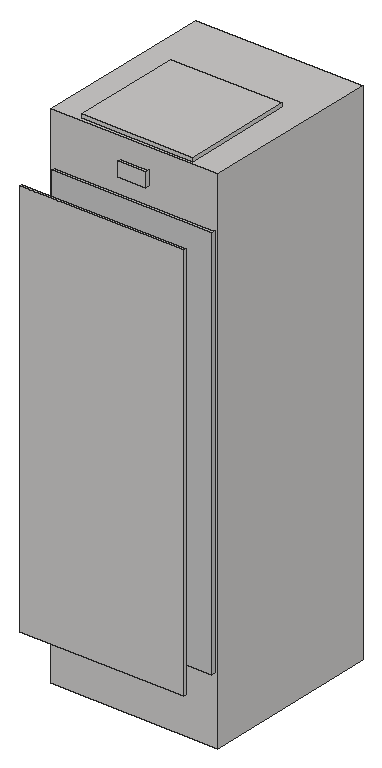
Revit family "Fan_Coil-With_Valve-Whalen-Vertical_Stacked-Classic-2P-No_Risers2", category Mechanical Equipment, Revit 2012 (continued)
Definition of nested family "Air Supply"
  Forms (in)
    Extrusion 4, solid, material "Anodized Aluminum - Whalen - Clear" <- "Product Material", visible <- "z Right", detail levels medium+fine
      sketch origin (0, 0, 0) x (0, 1, 0) y (0, 0, 1)
        loop
          line (-7, 47) -> (-7, 39) -> (7, 39) -> (7, 47) -> (-7, 47)
      from 24 to 24.5
    Extrusion 5, solid, material "Anodized Aluminum - Whalen - Clear" <- "Product Material", visible <- "z Back", detail levels medium+fine
      sketch origin (0, 0, 0) x (1, 0, 0) y (0, 0, 1)
        loop
          line (-7, 47) -> (-7, 39) -> (7, 39) -> (7, 47) -> (-7, 47)
      from -24.5 to -24
    Extrusion 6, solid, material "Error Box", visible <- "z Error Box is Visible"
      sketch origin (0, 0, 0) x (1, 0, 0) y (0, 1, 0)
        loop
          line (-30.5, 30.5) -> (-30.5, -30.5) -> (30.5, -30.5) -> (30.5, 30.5) -> (-30.5, 30.5)
      from -6 to 54.5
  Lines and regions (in)
    Masking region 1, visible <- "z Front", detail levels medium+fine
      outline origin (0, 0, 0) x (1, 0, 0) y (0, 1, 0)
        loop
          line (-7, -24) -> (-7, -24.5) -> (7, -24.5) -> (7, -24) -> (-7, -24)
    Masking region 2, visible <- "z Left", detail levels medium+fine
      outline origin (0, 0, 0) x (1, 0, 0) y (0, 1, 0)
        loop
          line (-24.5, 7) -> (-24.5, -7) -> (-24, -7) -> (-24, 7) -> (-24.5, 7)
    Masking region 3, visible <- "z Right", detail levels medium+fine
      outline origin (0, 0, 0) x (1, 0, 0) y (0, 1, 0)
        loop
          line (24, 7) -> (24, -7) -> (24.5, -7) -> (24.5, 7) -> (24, 7)
    Masking region 4, visible <- "z Back", detail levels medium+fine
      outline origin (0, 0, 0) x (1, 0, 0) y (0, 1, 0)
        loop
          line (-7, 24.5) -> (-7, 24) -> (7, 24) -> (7, 24.5) -> (-7, 24.5)
    Masking region 5, visible <- "z Top", detail levels medium+fine
      outline origin (0, 0, 0) x (1, 0, 0) y (0, 1, 0)
        loop
          line (11.375, 5) -> (11.375, -5) -> (23.375, -5) -> (23.375, 5) -> (11.375, 5)
    symbolic lines, style "Error Box", visible <- "z Error Box is Visible"
      curve 1: line (-30.5, 30.5, 0) -> (30.5, 30.5, 0)
      curve 2: line (-30.5, -30.5, 0) -> (-30.5, 30.5, 0)
      curve 3: line (30.5, -30.5, 0) -> (-30.5, -30.5, 0)
      curve 4: line (30.5, 30.5, 0) -> (30.5, -30.5, 0)
      curve 5: line (0, -30.5, 54.5) -> (0, 30.5, 54.5)
      curve 6: line (0, -30.5, -6) -> (0, -30.5, 54.5)
      curve 7: line (0, 30.5, -6) -> (0, -30.5, -6)
      curve 8: line (0, 30.5, 54.5) -> (0, 30.5, -6)
      curve 9: line (-30.5, 0, 54.5) -> (30.5, 0, 54.5)
      curve 10: line (-30.5, 0, -6) -> (-30.5, 0, 54.5)
      curve 11: line (30.5, 0, -6) -> (-30.5, 0, -6)
      curve 12: line (30.5, 0, 54.5) -> (30.5, 0, -6)
    symbolic lines, visible <- "z Top", detail levels medium+fine
      curve 13: line (11.375, 5, 0) -> (23.375, 5, 0)
      curve 14: line (11.375, -5, 0) -> (11.375, 5, 0)
      curve 15: line (23.375, -5, 0) -> (11.375, -5, 0)
      curve 16: line (23.375, 5, 0) -> (23.375, -5, 0)
  Dimensions and locks (in)
    equal spacing: plane 6, plane 3 "Center (Left/Right)", plane 7
    equal spacing: plane 4, plane 1 "Center (Front/Back)", plane 5
    "z Cabinet Depth": plane 5 to plane 4
    "z Cabinet Width": plane 6 to plane 7
    "z Top Depth": plane 11 to plane 10
    "z Top Width": plane 8 to plane 9
    "z Top Width Offset From Left": plane 6 to plane 8
    "z Top Depth Offset From Back": plane 5 to plane 11
    plane 34 to plane 13 to plane 28 to plane 12 to plane 18 = 6.000" locked, 0.000" locked, 0.500" locked, 1.000" locked
    "z Cabinet Height": plane 12 to plane 2
    "z Standard Width": plane 14 to plane 15
    "z Cornerstone Offset From Left": plane 6 to plane 14
    "z Standard Width": plane 17 to plane 16
    "z Cornerstone Offset From Back": plane 5 to plane 17
    plane 4 to plane 26 to plane 20 to plane 30 = 0.500" locked, 0.000" locked, 6.000" locked
    plane 31 to plane 21 to plane 27 to plane 5 = 6.000" locked, 0.000" locked, 0.500" locked
    plane 29 to plane 22 to plane 24 to plane 6 = 6.000" locked, 0.000" locked, 0.500" locked
    plane 7 to plane 25 to plane 23 to plane 32 = 0.500" locked, 0.000" locked, 6.000" locked
    "z Standard Height": plane 18 to plane 19
    locked: plane 2 to plane 33 at 6
    aligned and locked: plane 2 to level
    aligned and locked: Extrusion 1 sketch curve to plane 11
    aligned and locked: Extrusion 1 sketch curve to plane 8
    aligned and locked: plane 10 to Extrusion 1 sketch curve
    aligned and locked: plane 9 to Extrusion 1 sketch curve
    aligned and locked: Extrusion 1 to plane 12
    aligned and locked: plane 13 to Extrusion 1
    aligned and locked: Extrusion 2 sketch curve to plane 18
    aligned and locked: Extrusion 2 sketch curve to plane 14
    aligned and locked: plane 19 to Extrusion 2 sketch curve
    aligned and locked: plane 15 to Extrusion 2 sketch curve
    aligned and locked: Extrusion 2 to plane 20
    aligned and locked: plane 4 to Extrusion 2
    aligned and locked: Extrusion 3 sketch curve to plane 18
    aligned and locked: plane 16 to Extrusion 3 sketch curve
    aligned and locked: plane 19 to Extrusion 3 sketch curve
    aligned and locked: Extrusion 3 sketch curve to plane 17
    aligned and locked: Extrusion 4 sketch curve to plane 18
    aligned and locked: plane 16 to Extrusion 4 sketch curve
    aligned and locked: plane 19 to Extrusion 4 sketch curve
    aligned and locked: Extrusion 4 sketch curve to plane 17
    aligned and locked: Extrusion 5 sketch curve to plane 18
    aligned and locked: Extrusion 5 sketch curve to plane 14
    aligned and locked: plane 19 to Extrusion 5 sketch curve
    aligned and locked: plane 15 to Extrusion 5 sketch curve
    aligned and locked: plane 21 to Extrusion 5
    aligned and locked: Extrusion 5 to plane 5
    aligned and locked: plane 22 to Extrusion 3
    aligned and locked: Extrusion 3 to plane 6
    aligned and locked: Extrusion 4 to plane 23
    aligned and locked: plane 7 to Extrusion 4
    aligned and locked: Extrusion 6 sketch curve to plane 31
    aligned and locked: Extrusion 6 sketch curve to plane 29
    aligned and locked: plane 30 to Extrusion 6 sketch curve
    aligned and locked: plane 32 to Extrusion 6 sketch curve
    aligned and locked: Extrusion 6 to plane 33
    aligned and locked: plane 34 to Extrusion 6
    aligned and locked: Masking region 1 sketch curve to plane 14
    aligned and locked: plane 20 to Masking region 1 sketch curve
    aligned and locked: Masking region 1 sketch curve to plane 4
    aligned and locked: plane 15 to Masking region 1 sketch curve
    aligned and locked: plane 6 to Masking region 2 sketch curve
    aligned and locked: Masking region 2 sketch curve to plane 22
    aligned and locked: plane 16 to Masking region 2 sketch curve
    aligned and locked: Masking region 2 sketch curve to plane 17
    aligned and locked: Masking region 3 sketch curve to plane 7
    aligned and locked: plane 16 to Masking region 3 sketch curve
    aligned and locked: Masking region 3 sketch curve to plane 17
    aligned and locked: plane 23 to Masking region 3 sketch curve
    aligned and locked: Masking region 4 sketch curve to plane 14
    aligned and locked: plane 5 to Masking region 4 sketch curve
    aligned and locked: Masking region 4 sketch curve to plane 21
    aligned and locked: plane 15 to Masking region 4 sketch curve
    aligned and locked: plane 10 to Masking region 5 sketch curve
    aligned and locked: Masking region 5 sketch curve to plane 11
    aligned and locked: plane 9 to Masking region 5 sketch curve
    aligned and locked: Masking region 5 sketch curve to plane 8
    aligned and locked: plane 32 to curve 4
    aligned and locked: plane 30 to curve 3
    aligned and locked: curve 2 to plane 29
    aligned and locked: curve 1 to plane 31
    aligned and locked: curve 13 to plane 11
    aligned and locked: curve 14 to plane 8
    aligned and locked: plane 9 to curve 16
    aligned and locked: plane 10 to curve 15
  Automatic sketch dimensions
    curve 7 to plane 30 = 0.000"
    curve 7 to plane 31 = 0.000"
    curve 7 to plane 33 = 0.000"
    curve 6 to plane 34 = 0.000"
    plane 29 to curve 11 = 0.000"
    plane 32 to curve 11 = 0.000"
    curve 11 to plane 33 = 0.000"
    curve 10 to plane 34 = 0.000"
Definition of nested family "2P No Risers"
  Parameters (values of type "Standard")
    z Type [instance] = 1200
    Unit is Master [instance] = no
    Top Riser Offset [instance] = 16.000"
    Supply Riser Y if Rear [instance] = Origin to Top  # 57.000"
    Supply Riser Y if Left [instance] = Origin to Top - Constant Riser Offset Side - Distance Between Supply and Return  # 48.000"
    Supply Riser Y if Right [instance] = Origin to Top - Constant Riser Offset Side  # 54.500"
    Supply Riser X if Left [instance] = Origin to Left Side  # 40.000"
    Supply Riser Y [instance] = if(Riser Configuration = 1, Supply Riser Y if Left, if(Riser Configuration = 2, Supply Riser Y if Rear, if(Riser Configuration = 3, Supply Riser Y if Right, 0.000")))  # 54.500"
    Supply Riser X if Right [instance] = Origin to Right Side  # 56.000"
    Supply Riser X if Rear [instance] = Constant Origin - Distance Between Supply and Drain  # 44.750"
    Supply Riser X [instance] = if(Riser Configuration = 1, Supply Riser X if Left, if(Riser Configuration = 2, Supply Riser X if Rear, if(Riser Configuration = 3, Supply Riser X if Right, 0.000")))  # 56.000"
    Supply Riser Top is Visible [instance] = yes
    Supply Riser Bottom is Visible [instance] = yes
    Riser Size Supply Radius Outside [instance] = Riser Size Supply Radius Nominal + (Convert Nominal to OD / 2) + Insulation Factor  # 1.5625"
    Riser Size Return Radius Outside [instance] = Riser Size Return Radius Nominal + (Convert Nominal to OD / 2) + Insulation Factor  # 0.5625"
    Return Riser Y if Right [instance] = Origin to Top - Constant Riser Offset Side - Distance Between Supply and Return  # 48.000"
    Return Riser Y if Rear [instance] = Origin to Top  # 57.000"
    Return Riser Y if Left [instance] = Origin to Top - Constant Riser Offset Side  # 54.500"
    Return Riser Y [instance] = if(Riser Configuration = 1, Return Riser Y if Left, if(Riser Configuration = 2, Return Riser Y if Rear, if(Riser Configuration = 3, Return Riser Y if Right, 0.000")))  # 48.000"
    Return Riser X if Right [instance] = Origin to Right Side  # 56.000"
    Return Riser X if Rear [instance] = Constant Origin + Distance Between Supply and Drain  # 51.250"
    Return Riser X if Left [instance] = Origin to Left Side  # 40.000"
    Return Riser X [instance] = if(Riser Configuration = 1, Return Riser X if Left, if(Riser Configuration = 2, Return Riser X if Rear, if(Riser Configuration = 3, Return Riser X if Right, 0.000")))  # 56.000"
    Return Riser Top is Visible [instance] = yes
    Return Riser Bottom is Visible [instance] = yes
    Material [instance] = none
    Master Stub Length Drain [instance] = Drain Connection Actual Outside + 1.000"  # 1.9375"
    Master Stub Length Supply [instance] = Riser Size Supply Radius Outside + 1.000"  # 2.5625"
    Master Stub Length Return [instance] = Riser Size Return Radius Outside + 1.000"  # 1.5625"
    Master Drain Stub is Visible [instance] = and(Unit is Master, not(Has Condensate Pump))  # no
    Housing Top Edge if Right [instance] = Origin to Top - Constant Riser Offset Side + Riser Size Supply Radius Outside + (Constant Chase Body Thickness / 2)  # 56.0625"
    Housing Top Edge if Left [instance] = Origin to Top - Constant Riser Offset Side + Riser Size Return Radius Outside + (Constant Chase Body Thickness / 2)  # 55.0625"
    Housing Right Edge if Rear [instance] = Origin to Left Side + (Width / 2) - Distance Between Supply and Drain - Riser Size Supply Radius Outside  # 43.1875"
    Housing Left Edge if Rear [instance] = Origin to Left Side + (Width / 2) + Distance Between Supply and Drain + Riser Size Return Radius Outside  # 51.8125"
    Housing Bottom Edge if Right [instance] = Origin to Top - Constant Riser Offset Side + Riser Size Supply Radius Outside + (Constant Chase Body Thickness / 2) - Chase Width  # 47.4375"
    Housing Bottom Edge if Left [instance] = Origin to Top - Constant Riser Offset Side + Riser Size Return Radius Outside + (Constant Chase Body Thickness / 2) - Chase Width  # 46.4375"
    Height [instance] = 88.000"
    Has Insulation [instance] = no
    z Riser Size Largest Diameter Supply or Return Nominal [instance] = if(Riser Size Supply Radius Nominal > Riser Size Return Radius Nominal, Riser Size Supply Radius Nominal, Riser Size Return Radius Nominal) * 2  # 3.000"
    z Riser Size Largest Radius Supply or Return [instance] = if(Riser Size Supply Radius Outside > Riser Size Return Radius Outside, Riser Size Supply Radius Outside, Riser Size Return Radius Outside)  # 1.5625"
    Housing Top Edge [instance] = if(Riser Configuration = 1, Housing Top Edge if Left, if(Riser Configuration = 2, Housing Top Edge if Rear, if(Riser Configuration = 3, Housing Top Edge if Right, 0.000")))  # 56.0625"
    Housing Right Edge [instance] = if(Riser Configuration = 1, Housing Right Edge if Left, if(Riser Configuration = 2, Housing Right Edge if Rear, if(Riser Configuration = 3, Housing Right Edge if Right, 0.000")))  # 59.125"
    Housing Left Edge [instance] = if(Riser Configuration = 1, Housing Left Edge if Left, if(Riser Configuration = 2, Housing Left Edge if Rear, if(Riser Configuration = 3, Housing Left Edge if Right, 0.000")))  # 56.000"
    Housing Bottom Edge [instance] = if(Riser Configuration = 1, Housing Bottom Edge if Left, if(Riser Configuration = 2, Housing Bottom Edge if Rear, if(Riser Configuration = 3, Housing Bottom Edge if Right, 0.000")))  # 47.4375"
    Riser Size Supply Radius Nominal [instance] = 1.500"
    Riser Size Return Radius Nominal [instance] = 0.500"
    Riser Size Drain Radius Nominal [instance] = 0.500"
    Riser Configuration [instance] = 3
    Has Condensate Pump [instance] = no
    Drain Riser Y if Rear [instance] = Origin to Top  # 57.000"
    Drain Riser Y if Side [instance] = Origin to Top - Constant Riser Offset Side - Distance Between Supply and Drain  # 51.250"
    Drain Riser Y [instance] = if(or(Riser Configuration = 1, Riser Configuration = 3), Drain Riser Y if Side, if(Riser Configuration = 2, Drain Riser Y if Rear, 0.000"))  # 51.250"
    Drain Riser X if Right [instance] = Origin to Right Side  # 56.000"
    Drain Riser X if Rear [instance] = Constant Origin  # 48.000"
    Drain Riser X if Left [instance] = Origin to Left Side  # 40.000"
    Drain Riser X [instance] = if(Riser Configuration = 1, Drain Riser X if Left, if(Riser Configuration = 2, Drain Riser X if Rear, if(Riser Configuration = 3, Drain Riser X if Right, 0.000")))  # 56.000"
    Drain Riser Top is Visible Actual [instance] = and(Drain Riser Top is Visible, not(Has Condensate Pump))  # yes
    Drain Riser Top is Visible [instance] = yes
    Drain Riser Bottom is Visible Actual [instance] = and(Drain Riser Bottom is Visible, not(Has Condensate Pump))  # yes
    Drain Riser Bottom is Visible [instance] = yes
    Drain Connection Y [instance] = if(not(Has Condensate Pump), Drain Riser Y, Origin to Top - Condensate Discharge Offset)  # 51.250"
    Drain Connection X [instance] = if(not(Has Condensate Pump), Drain Riser X, if(Riser Configuration = 1, Origin to Left Side + Condensate Discharge Offset, if(Riser Configuration = 2, Origin to Left Side + Width / 2, Origin to Right Side - Condensate Discharge Offset)))  # 56.000"
    Drain Connection Size = 0.375"  # constant formula
    Drain Connection Angle [instance] = if(Has Condensate Pump, 270.00°, 0.00°)  # 0.00°
    Drain Connection Actual Outside [instance] = if(Has Condensate Pump, Drain Connection Size, Riser Size Drain Radius Outside)  # 0.9375"
    Convert Nominal to OD = 0.125"  # constant formula
    Constant Riser Offset Side = 2.500"  # constant formula
    Constant Riser Offset Rear = 2.250"  # constant formula
    Constant Origin = 48.000"  # constant formula
    Constant Insulation Thickness Drain = 0.375"  # constant formula
    Constant Insulation Thickness = 0.500"  # constant formula
    Constant Chase Body Thickness = 0.000"  # constant formula
    Width [instance] = 16.000"
    Riser Size Drain Radius Outside [instance] = Riser Size Drain Radius Nominal + (Convert Nominal to OD / 2) + Constant Insulation Thickness Drain  # 0.9375"
    Origin to Top [instance] = Constant Origin + (Depth / 2)  # 57.000"
    Origin to Right Side [instance] = Constant Origin + (Width / 2)  # 56.000"
    Origin to Left Side [instance] = Constant Origin - (Width / 2)  # 40.000"
    Insulation Factor [instance] = if(Has Insulation, Constant Insulation Thickness, 0.000")  # 0.000"
    Housing Top Edge if Rear [instance] = Origin to Top + Chase Depth  # 60.125"
    Housing Right Edge if Right [instance] = Origin to Right Side + Chase Depth  # 59.125"
    Housing Right Edge if Left [instance] = Origin to Left Side  # 40.000"
    Housing Left Edge if Right [instance] = Origin to Right Side  # 56.000"
    Housing Left Edge if Left [instance] = Origin to Left Side - Chase Depth  # 36.875"
    Housing Bottom Edge if Rear [instance] = Origin to Top  # 57.000"
    Distance Between Supply and Return [instance] = Distance Between Supply and Drain * 2  # 6.500"
    Distance Between Supply and Drain [instance] = if(Has Condensate Pump, 2.500", if(Has Insulation, if(Riser Size Drain Radius Nominal = 0.380", if(z Riser Size Largest Diameter Supply or Return Nominal < 2.500", 2.500", 3.250"), if(Riser Size Drain Radius Nominal = 0.500", if(z Riser Size Largest Diameter Supply or Return Nominal < 2.000", 2.500", 3.250"), if(Riser Size Drain Radius Nominal = 0.630", if(z Riser Size Largest Diameter Supply or Return Nominal < 2.000", 2.500", 3.250"), if(Riser Size Drain Radius Nominal = 0.750", if(z Riser Size Largest Diameter Supply or Return Nominal < 1.500", 2.500", 3.250"), 5.000")))), if(not(Has Insulation), if(Riser Size Drain Radius Nominal = 0.380", 2.500", if(Riser Size Drain Radius Nominal = 0.500", if(z Riser Size Largest Diameter Supply or Return Nominal < 3.000", 2.500", 3.250"), if(Riser Size Drain Radius Nominal = 0.630", if(z Riser Size Largest Diameter Supply or Return Nominal < 3.000", 2.500", 3.250"), if(Riser Size Drain Radius Nominal = 0.750", if(z Riser Size Largest Diameter Supply or Return Nominal < 2.500", 2.500", 3.250"), 5.000")))), 5.000")))  # 3.250"
    Depth [instance] = 18.000"
    Connection Height Supply and Return [instance] = if(z Type = 300, 22.000", if(z Type = 400, 26.000", if(z Type = 600, 29.000", if(z Type = 800, 33.000", if(z Type = 1000, 36.000", if(z Type = 1200, 44.000", 0.000"))))))  # 44.000"
    Connection Height Drain Actual [instance] = if(Has Condensate Pump, Height, Connection Height Drain)  # 3.500"
    Connection Height Drain = 3.500"  # constant formula
    Connection Drain Offset [instance] = if(Has Condensate Pump, 4.000", 0.000")  # 0.000"
    Connection Angle [instance] = if(Riser Configuration = 1, 0.00°, if(Riser Configuration = 2, 270.00°, if(Riser Configuration = 3, 180.00°, 0.00°)))  # 180.00°
    Condensate Discharge Offset = 0.875"  # constant formula
    Chase Width [instance] = Distance Between Supply and Return + Riser Size Supply Radius Outside + Riser Size Return Radius Outside + Constant Chase Body Thickness  # 8.625"
    Chase Depth [instance] = if(or(Has Condensate Pump, z Riser Size Largest Radius Supply or Return > Riser Size Drain Radius Outside), z Riser Size Largest Radius Supply or Return * 2 + Constant Chase Body Thickness, Riser Size Drain Radius Outside * 2 + Constant Chase Body Thickness)  # 3.125"
    Bottom Riser Offset Top [instance] = if(Unit is Master, Connection Height Drain * 2, 0.000")  # 0.000"
    Bottom Riser Offset Bottom [instance] = 14.000"
    Assembly Code = ""
  Reference planes (in)
    plane 1 "Center (Front/Back)": y = 0
    plane 2: z = 0
    plane 3 "Center (Left/Right)": x = 0
    plane 4: x = -8
    plane 5: x = 8
    plane 6: y = 9
    plane 7: y = -9
    plane 8: x = -48
    plane 9: y = -48
    plane 10 "Cabinet Height": z = 88
    plane 11 "Connection Height": z = 44
    plane 12 "Connection Height Drain": z = 3.5
    plane 13 "Drain Connection": z = 3.5
    plane 14: z = 104
    plane 15: z = -14
    plane 16: z = 0
    plane 17 "Master Void Top": z = 44
    plane 18 "Master Void Base": z = 44
    plane 19 "Master Riser Top": z = 47.5
    plane 20 "Master Riser Bottom": z = 40.5
  Forms (in)
    Sweep 1, solid, material <- "Material", not visible
      path in 3D
        loop
          line (8, 0, 44) -> (4, 0, 44)
      profile origin (6, 0, 44) x (0, -1, 0) y (0, 0, 1)
        loop
          circle (0, 0) r 0.5
    Sweep 2, solid, material <- "Material", not visible
      path in 3D
        loop
          line (8, 6.5, 44) -> (4, 6.5, 44)
      profile origin (6, 6.5, 44) x (0, -1, 0) y (0, 0, 1)
        loop
          circle (0, 0) r 0.5
    Sweep 3, solid, material <- "Material", not visible
      path in 3D
        loop
          line (8, 3.25, 3.5) -> (4, 3.25, 3.5)
      profile origin (6, 3.25, 3.5) x (0, 0, 1) y (0, 1, 0)
        loop
          circle (0, 0) r 0.5
  Lines and regions (in)
    reference lines
      curve 1: line (8, -0.5625, 0) -> (8, 8.0625, 0)
      curve 2: line (8, 0.5625, 44) -> (8, -0.5625, 44)
      curve 3: line (7.4375, 0, 44) -> (8.5625, 0, 44)
      curve 4: line (6.4375, 6.5, 44) -> (9.5625, 6.5, 44)
      curve 5: line (8, 8.0625, 44) -> (8, 4.9375, 44)
      curve 6: line (8, 6.5, 44) -> (4, 6.5, 44)
      curve 7: line (8, 0, 44) -> (4, 0, 44)
      curve 10: line (8, 4.1875, 3.5) -> (8, 2.3125, 3.5)
      curve 11: line (7.0625, 3.25, 3.5) -> (8.9375, 3.25, 3.5)
      curve 12: line (8, 3.25, 3.5) -> (5.75, 3.25, 3.5)
      curve 13: line (8, 3.25, 3.5) -> (4, 3.25, 3.5)
    sketch lines
      curve 8: line (8, 0, 44) -> (4, 0, 44)
      curve 9: line (8, 6.5, 44) -> (4, 6.5, 44)
      curve 14: line (8, 3.25, 3.5) -> (4, 3.25, 3.5)
    model lines
      curve 15: circle (8, 0, 44) r 0.375 normal (1, 0, 0)
      curve 16: circle (8, 6.5, 44) r 0.375 normal (1, 0, 0)
      curve 17: circle (8, 3.25, 3.5) r 0.375 normal (1, 0, 0)
  Dimensions and locks (in)
    equal spacing: plane 4, plane 3 "Center (Left/Right)", plane 5
    equal spacing: plane 6, plane 1 "Center (Front/Back)", plane 7
    "Width": plane 4 to plane 5
    "Depth": plane 6 to plane 7
    "Constant Origin": plane 8 to plane 3 "Center (Left/Right)"
    "Constant Origin": plane 9 to plane 1 "Center (Front/Back)"
    "Housing Left Edge": plane 8 to curve 1
    "Height": plane 10 "Cabinet Height" to plane 2
    "Connection Height Supply and Return": plane 11 "Connection Height" to plane 2
    equal spacing: curve 3, curve 2, curve 3
    equal spacing: curve 2, curve 3, curve 2
    equal spacing: curve 5, curve 4, curve 5
    equal spacing: curve 4, curve 5, curve 4
    "Riser Size Supply Radius Outside": curve 4 to curve 5  (x2)
    "Riser Size Return Radius Outside": curve 3 to curve 2
    "Riser Size Return Radius Outside": curve 2 to curve 3
    "Supply Riser Y": curve 4 to plane 9
    "Return Riser Y": curve 3 to plane 9
    "Supply Riser X": plane 8 to curve 5
    "Return Riser X": plane 8 to curve 2
    "Connection Height Drain Actual": plane 12 "Connection Height Drain" to plane 2
    "Connection Drain Offset": plane 13 "Drain Connection" to plane 12 "Connection Height Drain"
    equal spacing: curve 10, curve 11, curve 10
    equal spacing: curve 11, curve 10, curve 11
    "Drain Connection Actual Outside": curve 11 to curve 10  (x2)
    "Drain Connection X": plane 8 to curve 10
    "Drain Connection Y": plane 9 to curve 11
    "Top Riser Offset": plane 14 to plane 10 "Cabinet Height"
    "Bottom Riser Offset Bottom": level to plane 15
    "Bottom Riser Offset Top": plane 16 to level
    equal spacing: plane 17 "Master Void Top", plane 11 "Connection Height", plane 18 "Master Void Base"
    "Bottom Riser Offset Top": plane 17 "Master Void Top" to plane 18 "Master Void Base"
    equal spacing: plane 19 "Master Riser Top", plane 11 "Connection Height", plane 20 "Master Riser Bottom"
    "Connection Height Drain": plane 19 "Master Riser Top" to plane 11 "Connection Height"
    "Connection Angle": angle curve 4 to curve 6
    "Connection Angle": angle curve 3 to curve 7
    "Connection Angle": angle curve 11 to curve 12
    "Drain Connection Angle": angle curve 12 to curve 13
    aligned and locked: plane 2 to level
    aligned and locked: curve 5 to curve 6
    aligned and locked: curve 4 to curve 6
    aligned and locked: curve 3 to curve 7
    aligned and locked: curve 10 to curve 12
    aligned and locked: curve 13 to curve 12
  Automatic sketch dimensions
    profile plane to Sweep 1 sketch curve = 0.000"
    Sweep 1 sketch curve to profile plane = 0.000"
    profile plane to Sweep 2 sketch curve = 0.000"
    Sweep 2 sketch curve to profile plane = 0.000"
    curve 13 to curve 12 = 0.000"
    profile plane to Sweep 3 sketch curve = 0.000"
    Sweep 3 sketch curve to profile plane = 0.000"
    plane 1 "Center (Front/Back)" to curve 1 = 0.5625"
    curve 1 to plane 6 = 0.9375"
    radius of Sweep 1 sketch curve = 0.500"
    radius of Sweep 2 sketch curve = 0.500"
    radius of Sweep 3 sketch curve = 0.500"
    radius of curve 15 to Sweep 1 = 0.125"
    radius of curve 16 to Sweep 2 = 0.125"
    radius of curve 17 to Sweep 3 = 0.125"
Types (6): name | zz YesNo 16 | zz YesNo 15 | zz Length 7 | zz Length 6 | zz Length 5 | zz Length 2 | zz Length 1 | zz Integer 5 | zz Integer 2 | zz HVACAirflow 2 | zz HVACAirflow 1 | zz ElectricalWattage 3 | zz ElectricalWattage 1 | zz ElectricalCurrent 8 | zz ElectricalCurrent 7 | zz ElectricalCurrent 6 | zz ElectricalCurrent 5 | zz ElectricalCurrent 3 | zz ElectricalCurrent 1 | Width | Pressure Drop | Part Number | Part Description | Maximum Heater Size | MCA | Height | Has Condensate Pump | GPM Actual | FLA | Depth | Configuration Error | Chassis is Fixed | Chassis Selection | Apparent Load
  0,300 CFM | yes | no | 34.000" | 32.000" | 48.000" | 8.000" | 14.000" | 300 | 2 | 1.000 GPM | 3.000 GPM | 3000 W | 3000 W | 37.9 A | 4.2 A | 34.1 A | 1.2 A | 33.9 A | 1 A | 16.000" | 0.238202 psi | "WFC-300" | "Vertical Fan-Coil Units, 2 Pipe with Fixed Chassis, 300 CFM" | 3000 W | 33.9 A | 88.000" | no | 1.000 GPM | 1 A | 16.000" | "ERROR: Select Only One Chassis Option" | yes | "ERROR: Select Only One Chassis Option" | 3898.5 VA
  0,400 CFM | yes | no | 38.000" | 36.000" | 48.000" | 8.000" | 14.000" | 400 | 2 | 1.000 GPM | 3.500 GPM | 4000 W | 4000 W | 37.9 A | 4.2 A | 45.6 A | 1.7 A | 45 A | 1.2 A | 16.000" | 0.454749 psi | "WFC-400" | "Vertical Fan-Coil Units, 2 Pipe with Fixed Chassis, 400 CFM" | 4000 W | 45 A | 88.000" | no | 1.000 GPM | 1.2 A | 16.000" | "ERROR: Select Only One Chassis Option" | yes | "ERROR: Select Only One Chassis Option" | 5175 VA
  0,600 CFM | yes | no | 41.000" | 40.000" | 52.000" | 8.000" | 14.000" | 600 | 2 | 1.000 GPM | 4.000 GPM | 4000 W | 4000 W | 37.9 A | 4.2 A | 46.4 A | 2.3 A | 45.6 A | 1.7 A | 18.000" | 0.840925 psi | "WFC-600" | "Vertical Fan-Coil Units, 2 Pipe with Fixed Chassis, 600 CFM" | 4000 W | 45.6 A | 88.000" | no | 1.000 GPM | 1.7 A | 16.000" | "ERROR: Select Only One Chassis Option" | yes | "ERROR: Select Only One Chassis Option" | 5244 VA
  0,800 CFM | yes | no | 45.000" | 44.000" | 56.000" | 6.000" | 14.000" | 800 | 2 | 2.000 GPM | 5.000 GPM | 4000 W | 3000 W | 40.4 A | 6.2 A | 37.1 A | 3.6 A | 46.4 A | 2.3 A | 18.000" | 0.812052 psi | "WFC-800" | "Vertical Fan-Coil Units, 2 Pipe with Fixed Chassis, 800 CFM" | 4000 W | 46.4 A | 88.000" | yes | 2.000 GPM | 2.3 A | 16.000" | "ERROR: Select Only One Chassis Option" | yes | "ERROR: Select Only One Chassis Option" | 5336 VA
  1,000 CFM | yes | no | 51.000" | 48.000" | 62.000" | 10.000" | 20.000" | 1000 | 2 | 3.000 GPM | 8.000 GPM | 4000 W | 3000 W | 40.4 A | 6.2 A | 38.7 A | 4.9 A | 48 A | 3.6 A | 24.000" | 0.566632 psi | "WFC-1000" | "Vertical Fan-Coil Units, 2 Pipe with Fixed Chassis, 1000 CFM" | 4000 W | 48 A | 74.000" | no | 3.000 GPM | 3.6 A | 24.000" | "ERROR: Select Only One Chassis Option" | yes | "ERROR: Select Only One Chassis Option" | 5520 VA
  1,200 CFM | no | yes | 59.000" | 56.000" | 70.000" | 10.000" | 22.000" | 1200 | 1 | 0.000 GPM | 0.000 GPM | 3000 W | 0 W | 40.4 A | 6.2 A | 0 A | 0 A | 38.7 A | 4.9 A | 24.000" | 0.00 psi | "WRC-1200" | "Vertical Fan-Coil Units, 2 Pipe with Removable Chassis, 1200 CFM" | 3000 W | 38.7 A | 74.000" | no | 0.000 GPM | 4.9 A | 26.000" | "No Error, consider Air Supply Selection if error box remains" | no | "Removable, Low Profile" | 4450.5 VA
